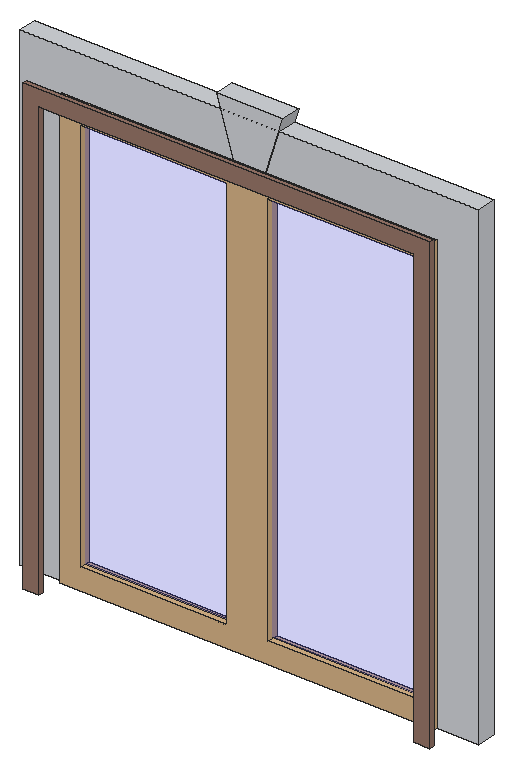
Revit family
Parameters (values of type "72" x 84"")
  Thickness = 0' - 2"
  Assembly Code = "C1020"
  Door Material = Door - Panel
  Frame Material = Door - Frame
  Height = 7' - 0"
  Rail Width - Base = 0' - 4"
  Rail Width - Top = 0' - 4"
  Stile Width - Hinge = 0' - 4"
  Stile Width - Latch = 0' - 4"
  Trim Projection = 0' - 1"
  Trim Width = 0' - 3"
  Wall Closure = (empty or 0)
  Width = 6' - 0"
Types (5): name | Height | Trim Width | Width
  72" x 84" | 7' - 0" | 0' - 3" | 6' - 0"
  68" x 80" | 6' - 8" | 0' - 3" | 5' - 8"
  68" x 84" | 7' - 0" | 0' - 3" | 5' - 8"
  72" x 78" | 6' - 6" | 0' - 2" | 6' - 0"
  72" x 82" | 6' - 10" | 0' - 2" | 6' - 0"
Reference planes (in)
  plane 1: y = 0
  plane 2: z = 0
  plane 3: x = 0
  plane 4: x = -36
  plane 5: x = 36
  plane 6: z = 84
  plane 7: z = 4
  plane 8: z = 80
Forms (in)
  Extrusion 1, solid, material "Door - Panel" <- "Door Material"
    sketch origin (0, 0, 0) x (1, 0, 0) y (0, 0, 1)
      loop
        line (-36, 84) -> (-36, 0) -> (36, 0) -> (36, 84) -> (-36, 84)
      loop
        line (-32, 80) -> (-32, 4) -> (-4, 4) -> (-4, 80) -> (-32, 80)
      loop
        line (4, 80) -> (4, 4) -> (32, 4) -> (32, 80) -> (4, 80)
    from -3.09375 to -1.09375
  Extrusion 2, solid, material "Glass"
    sketch origin (0, 0, 0) x (1, 0, 0) y (0, 0, 1)
      loop
        line (-4, 80) -> (-32, 80) -> (-32, 4) -> (-4, 4) -> (-4, 80)
    from -2.375 to -2.09375
  Extrusion 3, solid, material "Glass"
    sketch origin (0, 0, 0) x (1, 0, 0) y (0, 0, 1)
      loop
        line (4, 80) -> (4, 4) -> (32, 4) -> (32, 80) -> (4, 80)
    from -2.375 to -2.09375
  Extrusion 4, solid, material "Door - Frame" <- "Frame Material"
    sketch origin (-93.06215, -2.90625, 0) x (1, 0, 0) y (0, 0, 1)
      loop
        line (129.06215, 0) -> (132.06215, 0) -> (132.06215, 87) -> (54.06215, 87) -> (54.06215, 0) -> (57.06215, 0) -> (57.06215, 84) -> (129.06215, 84) -> (129.06215, 0)
    from 0 to 1
  Sweep 5, solid
    path in 3D
      loop
        line (36, 1.09375, 0) -> (36, 1.09375, 84) -> (-36, 1.09375, 84) -> (-36, 1.09375, 0)
    profile "Wall Sweep-Brick Soldier Course : 1 Brick" origin (-36, 1.09375, 42) x (0, -1, 0) y (-1, 0, 0)
      loop
        line (-0.5, 8) -> (-4.125, 8) -> (-4.125, 0) -> (-0.5, 0) -> (-0.5, 8)
  Extrusion 6, solid
    sketch origin (-60, 4.59375, 0) x (-1, 0, 0) y (0, 0, 1)
      loop
        line (-63.08843, 83.98782) -> (-57.08843, 83.98782) -> (-53.71343, 94.375) -> (-66.46343, 94.375) -> (-63.08843, 83.98782)
    from 0.75 to -3
Lines and regions (in)
  Opening 1
    outline origin (-60, -2.90625, 144) x (0, 0, -1) y (1, 0, 0)
      loop
        line (60, 24) -> (144, 24) -> (144, 96) -> (60, 96) -> (60, 24)
  symbolic lines, style "DoorsPanelProjection"
    curve 1: line (35.9952, 3.09375, 0) -> (34, 3.09375, 0)
    curve 2: line (35.9952, 3.09375, 0) -> (35.9952, 7.09375, 0)
    curve 3: line (35.9952, 39.09135, 0) -> (34, 39.09135, 0)
    curve 4: line (34, 3.09375, 0) -> (34, 7.09375, 0)
    curve 5: line (-36.02099, 3.09375, 0) -> (-33.99712, 3.09375, 0)
    curve 6: line (-36.02099, 3.09375, 0) -> (-36.02099, 7.09375, 0)
    curve 7: line (-36.02099, 39.09137, 0) -> (-33.99712, 39.09137, 0)
    curve 8: line (-33.99712, 3.09375, 0) -> (-33.99712, 7.09375, 0)
    curve 11: line (-36.02099, 35.09137, 0) -> (-33.99712, 35.09137, 0)
    curve 12: line (-36.02099, 7.09375, 0) -> (-33.99712, 7.09375, 0)
    curve 14: line (34, 35.09135, 0) -> (35.9952, 35.09135, 0)
    curve 15: line (35.9952, 7.09375, 0) -> (34, 7.09375, 0)
    curve 17: line (-36.02099, 35.09137, 0) -> (-36.02099, 39.09137, 0)
    curve 18: line (-33.99712, 35.09137, 0) -> (-33.99712, 39.09137, 0)
    curve 19: line (-33.99712, 7.09375, 0) -> (-33.99712, 35.09137, 0)
    curve 20: line (-36.02099, 7.09375, 0) -> (-36.02099, 35.09137, 0)
    curve 21: line (34, 35.09135, 0) -> (34, 39.09135, 0)
    curve 22: line (35.9952, 35.09135, 0) -> (35.9952, 39.09135, 0)
    curve 23: line (35.9952, 7.09375, 0) -> (35.9952, 35.09135, 0)
    curve 24: line (34, 7.09375, 0) -> (34, 35.09135, 0)
  symbolic lines, style "Plan Swing"
    curve 9: arc (-0.00254, 2.16269, 0) -> (-10.21878, 28.23054, 0) -> (-36.02099, 39.10021, 0) r 36.00942
    curve 10: arc (-0.00254, 2.16269, 0) -> (10.20557, 28.22387, 0) -> (35.9952, 39.0998, 0) r 36.00605
  symbolic lines, style "DoorsGlassProjection"
    curve 13: line (-34.99856, 35.09137, 0) -> (-34.99856, 7.09375, 0)
    curve 16: line (35, 7.09375, 0) -> (35, 35.09135, 0)
  model lines, style "Plan Swing"
    curve 25: line (0, 3.09375, 84) -> (0, 3.09375, 0)
  model lines
    curve 26: line (0, 1.09375, 84) -> (0, 1.09375, 0)
    curve 34: line (36, 5.21875, 1.625) -> (44, 5.21875, 1.625)
    curve 35: line (44, 5.21875, 2) -> (36, 5.21875, 2)
    curve 36: line (36, 5.21875, 3.625) -> (44, 5.21875, 3.625)
    curve 37: line (44, 5.21875, 4) -> (36, 5.21875, 4)
    curve 38: line (36, 5.21875, 5.625) -> (44, 5.21875, 5.625)
    curve 39: line (44, 5.21875, 6) -> (36, 5.21875, 6)
    curve 40: line (36, 5.21875, 7.625) -> (44, 5.21875, 7.625)
    curve 41: line (44, 5.21875, 8) -> (36, 5.21875, 8)
    curve 42: line (36, 5.21875, 9.625) -> (44, 5.21875, 9.625)
    curve 43: line (44, 5.21875, 10) -> (36, 5.21875, 10)
    curve 44: line (36, 5.21875, 11.625) -> (44, 5.21875, 11.625)
    curve 45: line (44, 5.21875, 12) -> (36, 5.21875, 12)
    curve 46: line (36, 5.21875, 13.625) -> (44, 5.21875, 13.625)
    curve 47: line (44, 5.21875, 14) -> (36, 5.21875, 14)
    curve 48: line (36, 5.21875, 15.625) -> (44, 5.21875, 15.625)
    curve 49: line (44, 5.21875, 16) -> (36, 5.21875, 16)
    curve 50: line (36, 5.21875, 17.625) -> (44, 5.21875, 17.625)
    curve 51: line (44, 5.21875, 18) -> (36, 5.21875, 18)
    curve 52: line (36, 5.21875, 19.625) -> (44, 5.21875, 19.625)
    curve 53: line (44, 5.21875, 20) -> (36, 5.21875, 20)
    curve 54: line (36, 5.21875, 21.625) -> (44, 5.21875, 21.625)
    curve 55: line (44, 5.21875, 22) -> (36, 5.21875, 22)
    curve 56: line (36, 5.21875, 23.625) -> (44, 5.21875, 23.625)
    curve 57: line (44, 5.21875, 24) -> (36, 5.21875, 24)
    curve 58: line (36, 5.21875, 25.625) -> (44, 5.21875, 25.625)
    curve 59: line (44, 5.21875, 26) -> (36, 5.21875, 26)
    curve 60: line (36, 5.21875, 27.625) -> (44, 5.21875, 27.625)
    curve 61: line (44, 5.21875, 28) -> (36, 5.21875, 28)
    curve 62: line (36, 5.21875, 29.625) -> (44, 5.21875, 29.625)
    curve 63: line (44, 5.21875, 30) -> (36, 5.21875, 30)
    curve 64: line (36, 5.21875, 31.625) -> (44, 5.21875, 31.625)
    curve 65: line (44, 5.21875, 32) -> (36, 5.21875, 32)
    curve 66: line (36, 5.21875, 33.625) -> (44, 5.21875, 33.625)
    curve 67: line (44, 5.21875, 34) -> (36, 5.21875, 34)
    curve 68: line (36, 5.21875, 35.625) -> (44, 5.21875, 35.625)
    curve 69: line (44, 5.21875, 36) -> (36, 5.21875, 36)
    curve 70: line (36, 5.21875, 37.625) -> (44, 5.21875, 37.625)
    curve 71: line (44, 5.21875, 38) -> (36, 5.21875, 38)
    curve 72: line (36, 5.21875, 39.625) -> (44, 5.21875, 39.625)
    curve 73: line (44, 5.21875, 40) -> (36, 5.21875, 40)
    curve 74: line (36, 5.21875, 41.625) -> (44, 5.21875, 41.625)
    curve 75: line (44, 5.21875, 42) -> (36, 5.21875, 42)
    curve 76: line (36, 5.21875, 43.625) -> (44, 5.21875, 43.625)
    curve 77: line (44, 5.21875, 44) -> (36, 5.21875, 44)
    curve 78: line (36, 5.21875, 45.625) -> (44, 5.21875, 45.625)
    curve 79: line (44, 5.21875, 46) -> (36, 5.21875, 46)
    curve 80: line (36, 5.21875, 47.625) -> (44, 5.21875, 47.625)
    curve 81: line (44, 5.21875, 48) -> (36, 5.21875, 48)
    curve 82: line (36, 5.21875, 49.625) -> (44, 5.21875, 49.625)
    curve 83: line (44, 5.21875, 50) -> (36, 5.21875, 50)
    curve 84: line (36, 5.21875, 51.625) -> (44, 5.21875, 51.625)
    curve 85: line (44, 5.21875, 52) -> (36, 5.21875, 52)
    curve 86: line (36, 5.21875, 53.625) -> (44, 5.21875, 53.625)
    curve 87: line (44, 5.21875, 54) -> (36, 5.21875, 54)
    curve 88: line (36, 5.21875, 55.625) -> (44, 5.21875, 55.625)
    curve 89: line (44, 5.21875, 56) -> (36, 5.21875, 56)
    curve 90: line (36, 5.21875, 57.625) -> (44, 5.21875, 57.625)
    curve 91: line (44, 5.21875, 58) -> (36, 5.21875, 58)
    curve 92: line (36, 5.21875, 59.625) -> (44, 5.21875, 59.625)
    curve 93: line (44, 5.21875, 60) -> (36, 5.21875, 60)
    curve 94: line (36, 5.21875, 61.625) -> (44, 5.21875, 61.625)
    curve 95: line (44, 5.21875, 62) -> (36, 5.21875, 62)
    curve 96: line (36, 5.21875, 63.625) -> (44, 5.21875, 63.625)
    curve 97: line (44, 5.21875, 64) -> (36, 5.21875, 64)
    curve 98: line (36, 5.21875, 65.625) -> (44, 5.21875, 65.625)
    curve 99: line (44, 5.21875, 66) -> (36, 5.21875, 66)
    curve 100: line (36, 5.21875, 67.625) -> (44, 5.21875, 67.625)
    curve 101: line (44, 5.21875, 68) -> (36, 5.21875, 68)
    curve 102: line (36, 5.21875, 69.625) -> (44, 5.21875, 69.625)
    curve 103: line (44, 5.21875, 70) -> (36, 5.21875, 70)
    curve 104: line (36, 5.21875, 71.625) -> (44, 5.21875, 71.625)
    curve 105: line (44, 5.21875, 72) -> (36, 5.21875, 72)
    curve 106: line (36, 5.21875, 73.625) -> (44, 5.21875, 73.625)
    curve 107: line (44, 5.21875, 74) -> (36, 5.21875, 74)
    curve 108: line (36, 5.21875, 75.625) -> (44, 5.21875, 75.625)
    curve 109: line (44, 5.21875, 76) -> (36, 5.21875, 76)
    curve 110: line (36, 5.21875, 77.625) -> (44, 5.21875, 77.625)
    curve 111: line (44, 5.21875, 78) -> (36, 5.21875, 78)
    curve 112: line (36, 5.21875, 79.625) -> (44, 5.21875, 79.625)
    curve 113: line (44, 5.21875, 80) -> (36, 5.21875, 80)
    curve 114: line (36, 5.21875, 81.625) -> (44, 5.21875, 81.625)
    curve 115: line (44, 5.21875, 82) -> (36, 5.21875, 82)
    curve 116: line (36, 5.21875, 83.625) -> (44, 5.21875, 83.625)
    curve 117: line (44, 5.21875, 84) -> (36, 5.21875, 84)
    curve 118: line (-36, 5.21875, 1.625) -> (-44, 5.21875, 1.625)
    curve 119: line (-44, 5.21875, 2) -> (-36, 5.21875, 2)
    curve 120: line (-36, 5.21875, 3.625) -> (-44, 5.21875, 3.625)
    curve 121: line (-44, 5.21875, 4) -> (-36, 5.21875, 4)
    curve 122: line (-36, 5.21875, 5.625) -> (-44, 5.21875, 5.625)
    curve 123: line (-44, 5.21875, 6) -> (-36, 5.21875, 6)
    curve 124: line (-36, 5.21875, 7.625) -> (-44, 5.21875, 7.625)
    curve 125: line (-44, 5.21875, 8) -> (-36, 5.21875, 8)
    curve 126: line (-36, 5.21875, 9.625) -> (-44, 5.21875, 9.625)
    curve 127: line (-44, 5.21875, 10) -> (-36, 5.21875, 10)
    curve 128: line (-36, 5.21875, 11.625) -> (-44, 5.21875, 11.625)
    curve 129: line (-44, 5.21875, 12) -> (-36, 5.21875, 12)
    curve 130: line (-36, 5.21875, 13.625) -> (-44, 5.21875, 13.625)
    curve 131: line (-44, 5.21875, 14) -> (-36, 5.21875, 14)
    curve 132: line (-36, 5.21875, 15.625) -> (-44, 5.21875, 15.625)
    curve 133: line (-44, 5.21875, 16) -> (-36, 5.21875, 16)
    curve 134: line (-36, 5.21875, 17.625) -> (-44, 5.21875, 17.625)
    curve 135: line (-44, 5.21875, 18) -> (-36, 5.21875, 18)
    curve 136: line (-36, 5.21875, 19.625) -> (-44, 5.21875, 19.625)
    curve 137: line (-44, 5.21875, 20) -> (-36, 5.21875, 20)
    curve 138: line (-36, 5.21875, 21.625) -> (-44, 5.21875, 21.625)
    curve 139: line (-44, 5.21875, 22) -> (-36, 5.21875, 22)
    curve 140: line (-36, 5.21875, 23.625) -> (-44, 5.21875, 23.625)
    curve 141: line (-44, 5.21875, 24) -> (-36, 5.21875, 24)
    curve 142: line (-36, 5.21875, 25.625) -> (-44, 5.21875, 25.625)
    curve 143: line (-44, 5.21875, 26) -> (-36, 5.21875, 26)
    curve 144: line (-36, 5.21875, 27.625) -> (-44, 5.21875, 27.625)
    curve 145: line (-44, 5.21875, 28) -> (-36, 5.21875, 28)
    curve 146: line (-36, 5.21875, 29.625) -> (-44, 5.21875, 29.625)
    curve 147: line (-44, 5.21875, 30) -> (-36, 5.21875, 30)
    curve 148: line (-36, 5.21875, 31.625) -> (-44, 5.21875, 31.625)
    curve 149: line (-44, 5.21875, 32) -> (-36, 5.21875, 32)
    curve 150: line (-36, 5.21875, 33.625) -> (-44, 5.21875, 33.625)
    curve 151: line (-44, 5.21875, 34) -> (-36, 5.21875, 34)
    curve 152: line (-36, 5.21875, 35.625) -> (-44, 5.21875, 35.625)
    curve 153: line (-44, 5.21875, 36) -> (-36, 5.21875, 36)
    curve 154: line (-36, 5.21875, 37.625) -> (-44, 5.21875, 37.625)
    curve 155: line (-44, 5.21875, 38) -> (-36, 5.21875, 38)
    curve 156: line (-36, 5.21875, 39.625) -> (-44, 5.21875, 39.625)
    curve 157: line (-44, 5.21875, 40) -> (-36, 5.21875, 40)
    curve 158: line (-36, 5.21875, 41.625) -> (-44, 5.21875, 41.625)
    curve 159: line (-44, 5.21875, 42) -> (-36, 5.21875, 42)
    curve 160: line (-36, 5.21875, 43.625) -> (-44, 5.21875, 43.625)
    curve 161: line (-44, 5.21875, 44) -> (-36, 5.21875, 44)
    curve 162: line (-36, 5.21875, 45.625) -> (-44, 5.21875, 45.625)
    curve 163: line (-44, 5.21875, 46) -> (-36, 5.21875, 46)
    curve 164: line (-36, 5.21875, 47.625) -> (-44, 5.21875, 47.625)
    curve 165: line (-44, 5.21875, 48) -> (-36, 5.21875, 48)
    curve 166: line (-36, 5.21875, 49.625) -> (-44, 5.21875, 49.625)
    curve 167: line (-44, 5.21875, 50) -> (-36, 5.21875, 50)
    curve 168: line (-36, 5.21875, 51.625) -> (-44, 5.21875, 51.625)
    curve 169: line (-44, 5.21875, 52) -> (-36, 5.21875, 52)
    curve 170: line (-36, 5.21875, 53.625) -> (-44, 5.21875, 53.625)
    curve 171: line (-44, 5.21875, 54) -> (-36, 5.21875, 54)
    curve 172: line (-36, 5.21875, 55.625) -> (-44, 5.21875, 55.625)
    curve 173: line (-44, 5.21875, 56) -> (-36, 5.21875, 56)
    curve 174: line (-36, 5.21875, 57.625) -> (-44, 5.21875, 57.625)
    curve 175: line (-44, 5.21875, 58) -> (-36, 5.21875, 58)
    curve 176: line (-36, 5.21875, 59.625) -> (-44, 5.21875, 59.625)
    curve 177: line (-44, 5.21875, 60) -> (-36, 5.21875, 60)
    curve 178: line (-36, 5.21875, 61.625) -> (-44, 5.21875, 61.625)
    curve 179: line (-44, 5.21875, 62) -> (-36, 5.21875, 62)
    curve 180: line (-36, 5.21875, 63.625) -> (-44, 5.21875, 63.625)
    curve 181: line (-44, 5.21875, 64) -> (-36, 5.21875, 64)
    curve 182: line (-36, 5.21875, 65.625) -> (-44, 5.21875, 65.625)
    curve 183: line (-44, 5.21875, 66) -> (-36, 5.21875, 66)
    curve 184: line (-36, 5.21875, 67.625) -> (-44, 5.21875, 67.625)
    curve 185: line (-44, 5.21875, 68) -> (-36, 5.21875, 68)
    curve 186: line (-36, 5.21875, 69.625) -> (-44, 5.21875, 69.625)
    curve 187: line (-44, 5.21875, 70) -> (-36, 5.21875, 70)
    curve 188: line (-36, 5.21875, 71.625) -> (-44, 5.21875, 71.625)
    curve 189: line (-44, 5.21875, 72) -> (-36, 5.21875, 72)
    curve 190: line (-36, 5.21875, 73.625) -> (-44, 5.21875, 73.625)
    curve 191: line (-44, 5.21875, 74) -> (-36, 5.21875, 74)
    curve 192: line (-36, 5.21875, 75.625) -> (-44, 5.21875, 75.625)
    curve 193: line (-44, 5.21875, 76) -> (-36, 5.21875, 76)
    curve 194: line (-36, 5.21875, 77.625) -> (-44, 5.21875, 77.625)
    curve 195: line (-44, 5.21875, 78) -> (-36, 5.21875, 78)
    curve 196: line (-36, 5.21875, 79.625) -> (-44, 5.21875, 79.625)
    curve 197: line (-44, 5.21875, 80) -> (-36, 5.21875, 80)
    curve 198: line (-36, 5.21875, 81.625) -> (-44, 5.21875, 81.625)
    curve 199: line (-44, 5.21875, 82) -> (-36, 5.21875, 82)
    curve 200: line (-36, 5.21875, 83.625) -> (-44, 5.21875, 83.625)
    curve 201: line (-44, 5.21875, 84) -> (-36, 5.21875, 84)
    curve 202: line (42.375, 5.21875, 84) -> (42.375, 5.21875, 92)
    curve 203: line (42, 5.21875, 92) -> (42, 5.21875, 84)
    curve 204: line (40.375, 5.21875, 84) -> (40.375, 5.21875, 92)
    curve 205: line (40, 5.21875, 92) -> (40, 5.21875, 84)
    curve 206: line (38.375, 5.21875, 84) -> (38.375, 5.21875, 92)
    curve 207: line (38, 5.21875, 92) -> (38, 5.21875, 84)
    curve 208: line (36.375, 5.21875, 84) -> (36.375, 5.21875, 92)
    curve 209: line (36, 5.21875, 92) -> (36, 5.21875, 84)
    curve 210: line (34.375, 5.21875, 84) -> (34.375, 5.21875, 92)
    curve 211: line (34, 5.21875, 92) -> (34, 5.21875, 84)
    curve 212: line (32.375, 5.21875, 84) -> (32.375, 5.21875, 92)
    curve 213: line (32, 5.21875, 92) -> (32, 5.21875, 84)
    curve 214: line (30.375, 5.21875, 84) -> (30.375, 5.21875, 92)
    curve 215: line (30, 5.21875, 92) -> (30, 5.21875, 84)
    curve 216: line (28.375, 5.21875, 84) -> (28.375, 5.21875, 92)
    curve 217: line (28, 5.21875, 92) -> (28, 5.21875, 84)
    curve 218: line (26.375, 5.21875, 84) -> (26.375, 5.21875, 92)
    curve 219: line (26, 5.21875, 92) -> (26, 5.21875, 84)
    curve 220: line (24.375, 5.21875, 84) -> (24.375, 5.21875, 92)
    curve 221: line (24, 5.21875, 92) -> (24, 5.21875, 84)
    curve 222: line (22.375, 5.21875, 84) -> (22.375, 5.21875, 92)
    curve 223: line (22, 5.21875, 92) -> (22, 5.21875, 84)
    curve 224: line (20.375, 5.21875, 84) -> (20.375, 5.21875, 92)
    curve 225: line (20, 5.21875, 92) -> (20, 5.21875, 84)
    curve 226: line (18.375, 5.21875, 84) -> (18.375, 5.21875, 92)
    curve 227: line (18, 5.21875, 92) -> (18, 5.21875, 84)
    curve 228: line (16.375, 5.21875, 84) -> (16.375, 5.21875, 92)
    curve 229: line (16, 5.21875, 92) -> (16, 5.21875, 84)
    curve 230: line (14.375, 5.21875, 84) -> (14.375, 5.21875, 92)
    curve 231: line (14, 5.21875, 92) -> (14, 5.21875, 84)
    curve 232: line (12.375, 5.21875, 84) -> (12.375, 5.21875, 92)
    curve 233: line (12, 5.21875, 92) -> (12, 5.21875, 84)
    curve 234: line (10.375, 5.21875, 84) -> (10.375, 5.21875, 92)
    curve 235: line (10, 5.21875, 92) -> (10, 5.21875, 84)
    curve 236: line (8.375, 5.21875, 84) -> (8.375, 5.21875, 92)
    curve 237: line (8, 5.21875, 92) -> (8, 5.21875, 84)
    curve 238: line (6.375, 5.21875, 84) -> (6.375, 5.21875, 92)
    curve 239: line (6, 5.21875, 92) -> (6, 5.21875, 84)
    curve 240: line (4.375, 5.21875, 84) -> (4.375, 5.21875, 92)
    curve 241: line (4, 5.21875, 92) -> (4, 5.21875, 84)
    curve 242: line (2.375, 5.21875, 84) -> (2.375, 5.21875, 92)
    curve 243: line (2, 5.21875, 92) -> (2, 5.21875, 84)
    curve 244: line (-42.375, 5.21875, 84) -> (-42.375, 5.21875, 92)
    curve 245: line (-42, 5.21875, 92) -> (-42, 5.21875, 84)
    curve 246: line (-40.375, 5.21875, 84) -> (-40.375, 5.21875, 92)
    curve 247: line (-40, 5.21875, 92) -> (-40, 5.21875, 84)
    curve 248: line (-38.375, 5.21875, 84) -> (-38.375, 5.21875, 92)
    curve 249: line (-38, 5.21875, 92) -> (-38, 5.21875, 84)
    curve 250: line (-36.375, 5.21875, 84) -> (-36.375, 5.21875, 92)
    curve 251: line (-36, 5.21875, 92) -> (-36, 5.21875, 84)
    curve 252: line (-34.375, 5.21875, 84) -> (-34.375, 5.21875, 92)
    curve 253: line (-34, 5.21875, 92) -> (-34, 5.21875, 84)
    curve 254: line (-32.375, 5.21875, 84) -> (-32.375, 5.21875, 92)
    curve 255: line (-32, 5.21875, 92) -> (-32, 5.21875, 84)
    curve 256: line (-30.375, 5.21875, 84) -> (-30.375, 5.21875, 92)
    curve 257: line (-30, 5.21875, 92) -> (-30, 5.21875, 84)
    curve 258: line (-28.375, 5.21875, 84) -> (-28.375, 5.21875, 92)
    curve 259: line (-28, 5.21875, 92) -> (-28, 5.21875, 84)
    curve 260: line (-26.375, 5.21875, 84) -> (-26.375, 5.21875, 92)
    curve 261: line (-26, 5.21875, 92) -> (-26, 5.21875, 84)
    curve 262: line (-24.375, 5.21875, 84) -> (-24.375, 5.21875, 92)
    curve 263: line (-24, 5.21875, 92) -> (-24, 5.21875, 84)
    curve 264: line (-22.375, 5.21875, 84) -> (-22.375, 5.21875, 92)
    curve 265: line (-22, 5.21875, 92) -> (-22, 5.21875, 84)
    curve 266: line (-20.375, 5.21875, 84) -> (-20.375, 5.21875, 92)
    curve 267: line (-20, 5.21875, 92) -> (-20, 5.21875, 84)
    curve 268: line (-18.375, 5.21875, 84) -> (-18.375, 5.21875, 92)
    curve 269: line (-18, 5.21875, 92) -> (-18, 5.21875, 84)
    curve 270: line (-16.375, 5.21875, 84) -> (-16.375, 5.21875, 92)
    curve 271: line (-16, 5.21875, 92) -> (-16, 5.21875, 84)
    curve 272: line (-14.375, 5.21875, 84) -> (-14.375, 5.21875, 92)
    curve 273: line (-14, 5.21875, 92) -> (-14, 5.21875, 84)
    curve 274: line (-12.375, 5.21875, 84) -> (-12.375, 5.21875, 92)
    curve 275: line (-12, 5.21875, 92) -> (-12, 5.21875, 84)
    curve 276: line (-10.375, 5.21875, 84) -> (-10.375, 5.21875, 92)
    curve 277: line (-10, 5.21875, 92) -> (-10, 5.21875, 84)
    curve 278: line (-8.375, 5.21875, 84) -> (-8.375, 5.21875, 92)
    curve 279: line (-8, 5.21875, 92) -> (-8, 5.21875, 84)
    curve 280: line (-6.375, 5.21875, 84) -> (-6.375, 5.21875, 92)
    curve 281: line (-6, 5.21875, 92) -> (-6, 5.21875, 84)
    curve 282: line (-4.375, 5.21875, 84) -> (-4.375, 5.21875, 92)
    curve 283: line (-4, 5.21875, 92) -> (-4, 5.21875, 84)
    curve 284: line (-2.375, 5.21875, 84) -> (-2.375, 5.21875, 92)
    curve 285: line (-2, 5.21875, 92) -> (-2, 5.21875, 84)
  symbolic lines, style "Elevation Swing"
    curve 27: line (0, 0, 84) -> (-36, 0, 42)
    curve 28: line (0, 0, 0) -> (-36, 0, 42)
    curve 29: line (0, 0, 84) -> (36, 0, 42)
    curve 30: line (36, 0, 42) -> (0, 0, 0)
  sketch lines
    curve 31: line (-36, 1.09375, 84) -> (-36, 1.09375, 0)
    curve 32: line (36, 1.09375, 0) -> (36, 1.09375, 84)
    curve 33: line (36, 1.09375, 84) -> (-36, 1.09375, 84)
Text (in)
  text "Exterior" at (-78.76614, 13.86463, 0), in view "Ground floor"
Dimensions and locks (in)
  equal spacing: plane 4, plane 3, plane 5
  "Width": plane 4 to plane 5
  host wall to curve 1 = 0' - 0"
  "Height": plane 6 to plane 2
  "Stile Width - Latch": curve 11 to curve 7
  "Stile Width - Hinge": host wall to curve 12
  "Stile Width - Latch": curve 3 to curve 14
  "Stile Width - Hinge": curve 15 to host wall
  plane 2 to plane 6 = 7' - 0"
  "Trim Width": Extrusion 4 sketch curve to plane 5
  "Trim Width": Extrusion 4 sketch curve to plane 4
  "Trim Width": Extrusion 4 sketch curve to plane 6
  "Trim Projection": Extrusion 4 to Extrusion 4
  "Thickness": Extrusion 1 to host wall
  "Rail Width - Base": plane 2 to plane 7
  "Rail Width - Top": plane 8 to plane 6
  locked: host wall to Extrusion 2 at 0.71875
  host wall to Extrusion 3 = 0' - 0 23/32"
  locked: Extrusion 3 to Extrusion 3 at 0.28125
  equal spacing: level, curve 30, plane 6
  equal spacing: level, curve 28, plane 6
  aligned and locked: Extrusion 2 to Extrusion 3  (x2)
  aligned and locked: Extrusion 4 sketch curve to curve 1
  aligned and locked: level to Extrusion 4 sketch curve
  aligned and locked: plane 2 to Extrusion 4 sketch curve
  aligned and locked: curve 5 to Extrusion 4 sketch curve
  aligned and locked: plane 6 to Extrusion 4 sketch curve  (x2)
  aligned and locked: plane 5 to Extrusion 4 sketch curve
Automatic sketch dimensions
  Opening 1 sketch curve to plane 6 = 0' - 0"
  Opening 1 sketch curve to level = 0' - 0"
  Opening 1 sketch curve to plane 4 = 0' - 0"
  Opening 1 sketch curve to plane 5 = 0' - 0"
  Extrusion 1 sketch curve to plane 4 = 0' - 0"
  Extrusion 1 sketch curve to plane 5 = 0' - 0"
  Extrusion 1 sketch curve to level = 0' - 0"
  Extrusion 1 sketch curve to plane 6 = 0' - 0"
  Extrusion 2 sketch curve to plane 7 = 0' - 0"
  Extrusion 2 sketch curve to plane 8 = 0' - 0"
  Extrusion 3 sketch curve to plane 7 = 0' - 0"
  Extrusion 3 sketch curve to plane 8 = 0' - 0"
  plane 5 to Extrusion 1 sketch curve = 0' - 4"
  plane 5 to Extrusion 3 sketch curve = 0' - 4"
  Extrusion 1 sketch curve to plane 7 = 0' - 0"  (x2)
  Extrusion 1 sketch curve to plane 8 = 0' - 0"  (x2)
  Extrusion 1 sketch curve to plane 4 = 0' - 4"
  Extrusion 2 sketch curve to plane 4 = 0' - 4"
  plane 3 to Extrusion 1 sketch curve = 0' - 4"
  plane 3 to Extrusion 3 sketch curve = 0' - 4"
  Extrusion 1 sketch curve to plane 3 = 0' - 4"
  Extrusion 2 sketch curve to plane 3 = 0' - 4"
  curve 5 to host wall = 0' - 0"
  curve 9 to plane 4 = 0' - 0"
  curve 10 to host wall = 0' - 0"
  plane 4 to curve 6 = 0' - 0.02099"
  curve 9 to curve 7 = 0' - 0"
  curve 13 to plane 4 = 0' - 1.00144"
  curve 13 to curve 8 = 0' - 1.00144"
  curve 9 to plane 3 = 0' - 0.00254"
  plane 5 to curve 24 = 0' - 2"
  plane 5 to curve 16 = 0' - 1"
  plane 5 to curve 10 = 0' - 0.00853"
  plane 5 to curve 10 = 0' - 0.0048"
  plane 5 to curve 14 = 0' - 0.0048"
  curve 9 to host wall = 0' - 0.00296"
  curve 10 to host wall = 0' - 0.93106"
  curve 24 to curve 10 = 0' - 4.00845"
  curve 17 to curve 9 = 0' - 4.00884"
  curve 27 to plane 3 = 0' - 0"
  curve 27 to plane 6 = 0' - 0"
  curve 26 to plane 3 = 0' - 0"
  curve 26 to plane 6 = 0' - 0"
  curve 25 to plane 3 = 0' - 0"
  curve 25 to plane 6 = 0' - 0"
  curve 25 to level = 0' - 0"
  curve 26 to level = 0' - 0"
  curve 28 to level = 0' - 0"
  curve 27 to plane 4 = 0' - 0"
  curve 28 to plane 3 = 0' - 0"
  curve 30 to plane 5 = 0' - 0"
  Extrusion 4 sketch curve to plane 4 = 0' - 0"
  curve 34 to Sweep 5 = 0' - 0"  (x2)
  curve 118 to Sweep 5 = 0' - 0"  (x2)
  curve 119 to Sweep 5 = 0' - 0"  (x2)
  curve 35 to Sweep 5 = 0' - 0"  (x2)
  curve 120 to Sweep 5 = 0' - 0"  (x2)
  curve 36 to Sweep 5 = 0' - 0"  (x2)
  curve 121 to Sweep 5 = 0' - 0"  (x2)
  curve 37 to Sweep 5 = 0' - 0"  (x2)
  curve 38 to Sweep 5 = 0' - 0"  (x2)
  curve 122 to Sweep 5 = 0' - 0"  (x2)
  curve 39 to Sweep 5 = 0' - 0"  (x2)
  curve 123 to Sweep 5 = 0' - 0"  (x2)
  curve 124 to Sweep 5 = 0' - 0"  (x2)
  curve 40 to Sweep 5 = 0' - 0"  (x2)
  curve 41 to Sweep 5 = 0' - 0"  (x2)
  curve 125 to Sweep 5 = 0' - 0"  (x2)
  curve 42 to Sweep 5 = 0' - 0"  (x2)
  curve 126 to Sweep 5 = 0' - 0"  (x2)
  curve 127 to Sweep 5 = 0' - 0"  (x2)
  curve 43 to Sweep 5 = 0' - 0"  (x2)
  curve 128 to Sweep 5 = 0' - 0"  (x2)
  curve 44 to Sweep 5 = 0' - 0"  (x2)
  curve 45 to Sweep 5 = 0' - 0"  (x2)
  curve 129 to Sweep 5 = 0' - 0"  (x2)
  curve 130 to Sweep 5 = 0' - 0"  (x2)
  curve 46 to Sweep 5 = 0' - 0"  (x2)
  curve 131 to Sweep 5 = 0' - 0"  (x2)
  curve 47 to Sweep 5 = 0' - 0"  (x2)
  curve 132 to Sweep 5 = 0' - 0"  (x2)
  curve 48 to Sweep 5 = 0' - 0"  (x2)
  curve 133 to Sweep 5 = 0' - 0"  (x2)
  curve 49 to Sweep 5 = 0' - 0"  (x2)
  curve 134 to Sweep 5 = 0' - 0"  (x2)
  curve 50 to Sweep 5 = 0' - 0"  (x2)
  curve 51 to Sweep 5 = 0' - 0"  (x2)
  curve 135 to Sweep 5 = 0' - 0"  (x2)
  curve 136 to Sweep 5 = 0' - 0"  (x2)
  curve 52 to Sweep 5 = 0' - 0"  (x2)
  curve 137 to Sweep 5 = 0' - 0"  (x2)
  curve 53 to Sweep 5 = 0' - 0"  (x2)
  curve 54 to Sweep 5 = 0' - 0"  (x2)
  curve 138 to Sweep 5 = 0' - 0"  (x2)
  curve 139 to Sweep 5 = 0' - 0"  (x2)
  curve 55 to Sweep 5 = 0' - 0"  (x2)
  curve 56 to Sweep 5 = 0' - 0"  (x2)
  curve 140 to Sweep 5 = 0' - 0"  (x2)
  curve 141 to Sweep 5 = 0' - 0"  (x2)
  curve 57 to Sweep 5 = 0' - 0"  (x2)
  curve 58 to Sweep 5 = 0' - 0"  (x2)
  curve 142 to Sweep 5 = 0' - 0"  (x2)
  curve 143 to Sweep 5 = 0' - 0"  (x2)
  curve 59 to Sweep 5 = 0' - 0"  (x2)
  curve 144 to Sweep 5 = 0' - 0"  (x2)
  curve 60 to Sweep 5 = 0' - 0"  (x2)
  curve 61 to Sweep 5 = 0' - 0"  (x2)
  curve 145 to Sweep 5 = 0' - 0"  (x2)
  curve 62 to Sweep 5 = 0' - 0"  (x2)
  curve 146 to Sweep 5 = 0' - 0"  (x2)
  curve 147 to Sweep 5 = 0' - 0"  (x2)
  curve 63 to Sweep 5 = 0' - 0"  (x2)
  curve 148 to Sweep 5 = 0' - 0"  (x2)
  curve 64 to Sweep 5 = 0' - 0"  (x2)
  curve 149 to Sweep 5 = 0' - 0"  (x2)
  curve 65 to Sweep 5 = 0' - 0"  (x2)
  curve 150 to Sweep 5 = 0' - 0"  (x2)
  curve 66 to Sweep 5 = 0' - 0"  (x2)
  curve 151 to Sweep 5 = 0' - 0"  (x2)
  curve 67 to Sweep 5 = 0' - 0"  (x2)
  curve 152 to Sweep 5 = 0' - 0"  (x2)
  curve 68 to Sweep 5 = 0' - 0"  (x2)
  curve 153 to Sweep 5 = 0' - 0"  (x2)
  curve 69 to Sweep 5 = 0' - 0"  (x2)
  curve 70 to Sweep 5 = 0' - 0"  (x2)
  curve 154 to Sweep 5 = 0' - 0"  (x2)
  curve 155 to Sweep 5 = 0' - 0"  (x2)
  curve 71 to Sweep 5 = 0' - 0"  (x2)
  curve 156 to Sweep 5 = 0' - 0"  (x2)
  curve 72 to Sweep 5 = 0' - 0"  (x2)
  curve 157 to Sweep 5 = 0' - 0"  (x2)
  curve 73 to Sweep 5 = 0' - 0"  (x2)
  curve 158 to Sweep 5 = 0' - 0"  (x2)
  curve 74 to Sweep 5 = 0' - 0"  (x2)
  curve 159 to Sweep 5 = 0' - 0"  (x2)
  curve 75 to Sweep 5 = 0' - 0"  (x2)
  curve 76 to Sweep 5 = 0' - 0"  (x2)
  curve 160 to Sweep 5 = 0' - 0"  (x2)
  curve 77 to Sweep 5 = 0' - 0"  (x2)
  curve 161 to Sweep 5 = 0' - 0"  (x2)
  curve 78 to Sweep 5 = 0' - 0"  (x2)
  curve 162 to Sweep 5 = 0' - 0"  (x2)
  curve 163 to Sweep 5 = 0' - 0"  (x2)
  curve 79 to Sweep 5 = 0' - 0"  (x2)
  curve 164 to Sweep 5 = 0' - 0"  (x2)
  curve 80 to Sweep 5 = 0' - 0"  (x2)
  curve 81 to Sweep 5 = 0' - 0"  (x2)
  curve 165 to Sweep 5 = 0' - 0"  (x2)
  curve 166 to Sweep 5 = 0' - 0"  (x2)
  curve 82 to Sweep 5 = 0' - 0"  (x2)
  curve 83 to Sweep 5 = 0' - 0"  (x2)
  curve 167 to Sweep 5 = 0' - 0"  (x2)
  curve 168 to Sweep 5 = 0' - 0"  (x2)
  curve 84 to Sweep 5 = 0' - 0"  (x2)
  curve 85 to Sweep 5 = 0' - 0"  (x2)
  curve 169 to Sweep 5 = 0' - 0"  (x2)
  curve 170 to Sweep 5 = 0' - 0"  (x2)
  curve 86 to Sweep 5 = 0' - 0"  (x2)
  curve 87 to Sweep 5 = 0' - 0"  (x2)
  curve 171 to Sweep 5 = 0' - 0"  (x2)
  curve 88 to Sweep 5 = 0' - 0"  (x2)
  curve 172 to Sweep 5 = 0' - 0"  (x2)
  curve 173 to Sweep 5 = 0' - 0"  (x2)
  curve 89 to Sweep 5 = 0' - 0"  (x2)
  curve 174 to Sweep 5 = 0' - 0"  (x2)
  curve 90 to Sweep 5 = 0' - 0"  (x2)
  curve 91 to Sweep 5 = 0' - 0"  (x2)
  curve 175 to Sweep 5 = 0' - 0"  (x2)
  curve 92 to Sweep 5 = 0' - 0"  (x2)
  curve 176 to Sweep 5 = 0' - 0"  (x2)
  curve 93 to Sweep 5 = 0' - 0"  (x2)
  curve 177 to Sweep 5 = 0' - 0"  (x2)
  curve 178 to Sweep 5 = 0' - 0"  (x2)
  curve 94 to Sweep 5 = 0' - 0"  (x2)
  curve 179 to Sweep 5 = 0' - 0"  (x2)
  curve 95 to Sweep 5 = 0' - 0"  (x2)
  curve 180 to Sweep 5 = 0' - 0"  (x2)
  curve 96 to Sweep 5 = 0' - 0"  (x2)
  curve 97 to Sweep 5 = 0' - 0"  (x2)
  curve 181 to Sweep 5 = 0' - 0"  (x2)
  curve 182 to Sweep 5 = 0' - 0"  (x2)
  curve 98 to Sweep 5 = 0' - 0"  (x2)
  curve 183 to Sweep 5 = 0' - 0"  (x2)
  curve 99 to Sweep 5 = 0' - 0"  (x2)
  curve 184 to Sweep 5 = 0' - 0"  (x2)
  curve 100 to Sweep 5 = 0' - 0"  (x2)
  curve 185 to Sweep 5 = 0' - 0"  (x2)
  curve 101 to Sweep 5 = 0' - 0"  (x2)
  curve 186 to Sweep 5 = 0' - 0"  (x2)
  curve 102 to Sweep 5 = 0' - 0"  (x2)
  curve 103 to Sweep 5 = 0' - 0"  (x2)
  curve 187 to Sweep 5 = 0' - 0"  (x2)
  curve 188 to Sweep 5 = 0' - 0"  (x2)
  curve 104 to Sweep 5 = 0' - 0"  (x2)
  curve 105 to Sweep 5 = 0' - 0"  (x2)
  curve 189 to Sweep 5 = 0' - 0"  (x2)
  curve 190 to Sweep 5 = 0' - 0"  (x2)
  curve 106 to Sweep 5 = 0' - 0"  (x2)
  curve 191 to Sweep 5 = 0' - 0"  (x2)
  curve 107 to Sweep 5 = 0' - 0"  (x2)
  curve 108 to Sweep 5 = 0' - 0"  (x2)
  curve 192 to Sweep 5 = 0' - 0"  (x2)
  curve 193 to Sweep 5 = 0' - 0"  (x2)
  curve 109 to Sweep 5 = 0' - 0"  (x2)
  curve 110 to Sweep 5 = 0' - 0"  (x2)
  curve 194 to Sweep 5 = 0' - 0"  (x2)
  curve 111 to Sweep 5 = 0' - 0"  (x2)
  curve 195 to Sweep 5 = 0' - 0"  (x2)
  curve 112 to Sweep 5 = 0' - 0"  (x2)
  curve 196 to Sweep 5 = 0' - 0"  (x2)
  curve 113 to Sweep 5 = 0' - 0"  (x2)
  curve 197 to Sweep 5 = 0' - 0"  (x2)
  curve 198 to Sweep 5 = 0' - 0"  (x2)
  curve 114 to Sweep 5 = 0' - 0"  (x2)
  curve 115 to Sweep 5 = 0' - 0"  (x2)
  curve 199 to Sweep 5 = 0' - 0"  (x2)
  curve 200 to Sweep 5 = 0' - 0"  (x2)
  curve 116 to Sweep 5 = 0' - 0"  (x2)
  curve 117 to Sweep 5 = 0' - 0"  (x3)
  curve 201 to Sweep 5 = 0' - 0"  (x2)
  curve 284 to Sweep 5 = 0' - 0"  (x2)
  curve 285 to Sweep 5 = 0' - 0"  (x2)
  curve 283 to Sweep 5 = 0' - 0"  (x2)
  curve 282 to Sweep 5 = 0' - 0"  (x2)
  curve 281 to Sweep 5 = 0' - 0"  (x2)
  curve 280 to Sweep 5 = 0' - 0"  (x2)
  curve 279 to Sweep 5 = 0' - 0"  (x2)
  curve 278 to Sweep 5 = 0' - 0"  (x2)
  curve 210 to Sweep 5 = 0' - 0"  (x2)
  curve 277 to Sweep 5 = 0' - 0"  (x2)
  curve 276 to Sweep 5 = 0' - 0"  (x2)
  curve 211 to Sweep 5 = 0' - 0"  (x2)
  curve 212 to Sweep 5 = 0' - 0"  (x2)
  curve 275 to Sweep 5 = 0' - 0"  (x2)
  curve 274 to Sweep 5 = 0' - 0"  (x2)
  curve 213 to Sweep 5 = 0' - 0"  (x2)
  curve 214 to Sweep 5 = 0' - 0"  (x2)
  curve 273 to Sweep 5 = 0' - 0"  (x2)
  curve 272 to Sweep 5 = 0' - 0"  (x2)
  curve 215 to Sweep 5 = 0' - 0"  (x2)
  curve 216 to Sweep 5 = 0' - 0"  (x2)
  curve 271 to Sweep 5 = 0' - 0"  (x2)
  curve 270 to Sweep 5 = 0' - 0"  (x2)
  curve 217 to Sweep 5 = 0' - 0"  (x2)
  curve 218 to Sweep 5 = 0' - 0"  (x2)
  curve 269 to Sweep 5 = 0' - 0"  (x2)
  curve 268 to Sweep 5 = 0' - 0"  (x2)
  curve 219 to Sweep 5 = 0' - 0"  (x2)
  curve 220 to Sweep 5 = 0' - 0"  (x2)
  curve 267 to Sweep 5 = 0' - 0"  (x2)
  curve 266 to Sweep 5 = 0' - 0"  (x2)
  curve 221 to Sweep 5 = 0' - 0"  (x2)
  curve 222 to Sweep 5 = 0' - 0"  (x2)
  curve 265 to Sweep 5 = 0' - 0"  (x2)
  curve 264 to Sweep 5 = 0' - 0"  (x2)
  curve 223 to Sweep 5 = 0' - 0"  (x2)
  curve 224 to Sweep 5 = 0' - 0"  (x2)
  curve 263 to Sweep 5 = 0' - 0"  (x2)
  curve 262 to Sweep 5 = 0' - 0"  (x2)
  curve 225 to Sweep 5 = 0' - 0"  (x2)
  curve 226 to Sweep 5 = 0' - 0"  (x2)
  curve 261 to Sweep 5 = 0' - 0"  (x2)
  curve 260 to Sweep 5 = 0' - 0"  (x2)
  curve 227 to Sweep 5 = 0' - 0"  (x2)
  curve 228 to Sweep 5 = 0' - 0"  (x2)
  curve 259 to Sweep 5 = 0' - 0"  (x2)
  curve 258 to Sweep 5 = 0' - 0"  (x2)
  curve 229 to Sweep 5 = 0' - 0"  (x2)
  curve 230 to Sweep 5 = 0' - 0"  (x2)
  curve 257 to Sweep 5 = 0' - 0"  (x2)
  curve 256 to Sweep 5 = 0' - 0"  (x2)
  curve 231 to Sweep 5 = 0' - 0"  (x2)
  curve 232 to Sweep 5 = 0' - 0"  (x2)
  curve 255 to Sweep 5 = 0' - 0"  (x2)
  curve 254 to Sweep 5 = 0' - 0"  (x2)
  curve 233 to Sweep 5 = 0' - 0"  (x2)
  curve 234 to Sweep 5 = 0' - 0"  (x2)
  curve 253 to Sweep 5 = 0' - 0"  (x2)
  curve 252 to Sweep 5 = 0' - 0"  (x2)
  curve 235 to Sweep 5 = 0' - 0"  (x2)
  curve 236 to Sweep 5 = 0' - 0"  (x2)
  curve 237 to Sweep 5 = 0' - 0"  (x2)
  curve 238 to Sweep 5 = 0' - 0"  (x2)
  curve 239 to Sweep 5 = 0' - 0"  (x2)
  curve 240 to Sweep 5 = 0' - 0"  (x2)
  curve 241 to Sweep 5 = 0' - 0"  (x2)
  curve 242 to Sweep 5 = 0' - 0"  (x2)
  curve 243 to Sweep 5 = 0' - 0"  (x2)
  curve 244 to Sweep 5 = 0' - 0"
  curve 245 to Sweep 5 = 0' - 0"
  curve 246 to Sweep 5 = 0' - 0"
  curve 247 to Sweep 5 = 0' - 0"
  curve 248 to Sweep 5 = 0' - 0"
  curve 249 to Sweep 5 = 0' - 0"
  curve 250 to Sweep 5 = 0' - 0"
  curve 251 to Sweep 5 = 0' - 0"  (x2)
  curve 209 to Sweep 5 = 0' - 0"
  curve 208 to Sweep 5 = 0' - 0"
  curve 207 to Sweep 5 = 0' - 0"
  curve 206 to Sweep 5 = 0' - 0"
  curve 205 to Sweep 5 = 0' - 0"
  curve 204 to Sweep 5 = 0' - 0"
  curve 202 to Sweep 5 = 0' - 0"
  curve 203 to Sweep 5 = 0' - 0"
  curve 200 to curve 251 = 0' - 0 3/8"
  curve 116 to curve 117 = 0' - 0 3/8"
  curve 115 to curve 116 = 0' - 1 5/8"
  curve 199 to curve 200 = 0' - 1 5/8"
  curve 198 to curve 199 = 0' - 0 3/8"
  curve 114 to curve 115 = 0' - 0 3/8"
  curve 197 to curve 198 = 0' - 1 5/8"
  curve 113 to curve 114 = 0' - 1 5/8"
  curve 196 to curve 197 = 0' - 0 3/8"
  curve 112 to curve 113 = 0' - 0 3/8"
  curve 195 to curve 196 = 0' - 1 5/8"
  curve 111 to curve 112 = 0' - 1 5/8"
  curve 194 to curve 195 = 0' - 0 3/8"
  curve 110 to curve 111 = 0' - 0 3/8"
  curve 193 to curve 194 = 0' - 1 5/8"
  curve 109 to curve 110 = 0' - 1 5/8"
  curve 108 to curve 109 = 0' - 0 3/8"
  curve 192 to curve 193 = 0' - 0 3/8"
  curve 107 to curve 108 = 0' - 1 5/8"
  curve 191 to curve 192 = 0' - 1 5/8"
  curve 190 to curve 191 = 0' - 0 3/8"
  curve 106 to curve 107 = 0' - 0 3/8"
  curve 189 to curve 190 = 0' - 1 5/8"
  curve 105 to curve 106 = 0' - 1 5/8"
  curve 188 to curve 189 = 0' - 0 3/8"
  curve 104 to curve 105 = 0' - 0 3/8"
  curve 187 to curve 188 = 0' - 1 5/8"
  curve 103 to curve 104 = 0' - 1 5/8"
  curve 186 to curve 187 = 0' - 0 3/8"
  curve 102 to curve 103 = 0' - 0 3/8"
  curve 101 to curve 102 = 0' - 1 5/8"
  curve 185 to curve 186 = 0' - 1 5/8"
  curve 184 to curve 185 = 0' - 0 3/8"
  curve 100 to curve 101 = 0' - 0 3/8"
  curve 99 to curve 100 = 0' - 1 5/8"
  curve 183 to curve 184 = 0' - 1 5/8"
  curve 182 to curve 183 = 0' - 0 3/8"
  curve 98 to curve 99 = 0' - 0 3/8"
  curve 181 to curve 182 = 0' - 1 5/8"
  curve 97 to curve 98 = 0' - 1 5/8"
  curve 180 to curve 181 = 0' - 0 3/8"
  curve 96 to curve 97 = 0' - 0 3/8"
  curve 179 to curve 180 = 0' - 1 5/8"
  curve 95 to curve 96 = 0' - 1 5/8"
  curve 94 to curve 95 = 0' - 0 3/8"
  curve 178 to curve 179 = 0' - 0 3/8"
  curve 93 to curve 94 = 0' - 1 5/8"
  curve 177 to curve 178 = 0' - 1 5/8"
  curve 176 to curve 177 = 0' - 0 3/8"
  curve 92 to curve 93 = 0' - 0 3/8"
  curve 175 to curve 176 = 0' - 1 5/8"
  curve 91 to curve 92 = 0' - 1 5/8"
  curve 90 to curve 91 = 0' - 0 3/8"
  curve 174 to curve 175 = 0' - 0 3/8"
  curve 89 to curve 90 = 0' - 1 5/8"
  curve 173 to curve 174 = 0' - 1 5/8"
  curve 172 to curve 173 = 0' - 0 3/8"
  curve 88 to curve 89 = 0' - 0 3/8"
  curve 87 to curve 88 = 0' - 1 5/8"
  curve 171 to curve 172 = 0' - 1 5/8"
  curve 86 to curve 87 = 0' - 0 3/8"
  curve 170 to curve 171 = 0' - 0 3/8"
  curve 169 to curve 170 = 0' - 1 5/8"
  curve 85 to curve 86 = 0' - 1 5/8"
  curve 84 to curve 85 = 0' - 0 3/8"
  curve 168 to curve 169 = 0' - 0 3/8"
  curve 167 to curve 168 = 0' - 1 5/8"
  curve 83 to curve 84 = 0' - 1 5/8"
  curve 82 to curve 83 = 0' - 0 3/8"
  curve 166 to curve 167 = 0' - 0 3/8"
  curve 165 to curve 166 = 0' - 1 5/8"
  curve 81 to curve 82 = 0' - 1 5/8"
  curve 80 to curve 81 = 0' - 0 3/8"
  curve 164 to curve 165 = 0' - 0 3/8"
  curve 163 to curve 164 = 0' - 1 5/8"
  curve 79 to curve 80 = 0' - 1 5/8"
  curve 162 to curve 163 = 0' - 0 3/8"
  curve 78 to curve 79 = 0' - 0 3/8"
  curve 77 to curve 78 = 0' - 1 5/8"
  curve 161 to curve 162 = 0' - 1 5/8"
  curve 160 to curve 161 = 0' - 0 3/8"
  curve 76 to curve 77 = 0' - 0 3/8"
  curve 159 to curve 160 = 0' - 1 5/8"
  curve 75 to curve 76 = 0' - 1 5/8"
  curve 158 to curve 159 = 0' - 0 3/8"
  curve 74 to curve 75 = 0' - 0 3/8"
  curve 157 to curve 158 = 0' - 1 5/8"
  curve 73 to curve 74 = 0' - 1 5/8"
  curve 156 to curve 157 = 0' - 0 3/8"
  curve 72 to curve 73 = 0' - 0 3/8"
  curve 155 to curve 156 = 0' - 1 5/8"
  curve 71 to curve 72 = 0' - 1 5/8"
  curve 154 to curve 155 = 0' - 0 3/8"
  curve 70 to curve 71 = 0' - 0 3/8"
  curve 69 to curve 70 = 0' - 1 5/8"
  curve 153 to curve 154 = 0' - 1 5/8"
  curve 152 to curve 153 = 0' - 0 3/8"
  curve 68 to curve 69 = 0' - 0 3/8"
  curve 67 to curve 68 = 0' - 1 5/8"
  curve 151 to curve 152 = 0' - 1 5/8"
  curve 66 to curve 67 = 0' - 0 3/8"
  curve 150 to curve 151 = 0' - 0 3/8"
  curve 149 to curve 150 = 0' - 1 5/8"
  curve 65 to curve 66 = 0' - 1 5/8"
  curve 64 to curve 65 = 0' - 0 3/8"
  curve 148 to curve 149 = 0' - 0 3/8"
  curve 63 to curve 64 = 0' - 1 5/8"
  curve 147 to curve 148 = 0' - 1 5/8"
  curve 62 to curve 63 = 0' - 0 3/8"
  curve 146 to curve 147 = 0' - 0 3/8"
  curve 145 to curve 146 = 0' - 1 5/8"
  curve 61 to curve 62 = 0' - 1 5/8"
  curve 144 to curve 145 = 0' - 0 3/8"
  curve 60 to curve 61 = 0' - 0 3/8"
  curve 59 to curve 60 = 0' - 1 5/8"
  curve 143 to curve 144 = 0' - 1 5/8"
  curve 142 to curve 143 = 0' - 0 3/8"
  curve 58 to curve 59 = 0' - 0 3/8"
  curve 57 to curve 58 = 0' - 1 5/8"
  curve 141 to curve 142 = 0' - 1 5/8"
  curve 56 to curve 57 = 0' - 0 3/8"
  curve 140 to curve 141 = 0' - 0 3/8"
  curve 55 to curve 56 = 0' - 1 5/8"
  curve 139 to curve 140 = 0' - 1 5/8"
  curve 138 to curve 139 = 0' - 0 3/8"
  curve 54 to curve 55 = 0' - 0 3/8"
  curve 53 to curve 54 = 0' - 1 5/8"
  curve 137 to curve 138 = 0' - 1 5/8"
  curve 52 to curve 53 = 0' - 0 3/8"
  curve 136 to curve 137 = 0' - 0 3/8"
  curve 135 to curve 136 = 0' - 1 5/8"
  curve 51 to curve 52 = 0' - 1 5/8"
  curve 50 to curve 51 = 0' - 0 3/8"
  curve 134 to curve 135 = 0' - 0 3/8"
  curve 49 to curve 50 = 0' - 1 5/8"
  curve 133 to curve 134 = 0' - 1 5/8"
  curve 48 to curve 49 = 0' - 0 3/8"
  curve 132 to curve 133 = 0' - 0 3/8"
  curve 131 to curve 132 = 0' - 1 5/8"
  curve 47 to curve 48 = 0' - 1 5/8"
  curve 46 to curve 47 = 0' - 0 3/8"
  curve 130 to curve 131 = 0' - 0 3/8"
  curve 129 to curve 130 = 0' - 1 5/8"
  curve 45 to curve 46 = 0' - 1 5/8"
  curve 44 to curve 45 = 0' - 0 3/8"
  curve 128 to curve 129 = 0' - 0 3/8"
  curve 43 to curve 44 = 0' - 1 5/8"
  curve 127 to curve 128 = 0' - 1 5/8"
  curve 42 to curve 43 = 0' - 0 3/8"
  curve 126 to curve 127 = 0' - 0 3/8"
  curve 41 to curve 42 = 0' - 1 5/8"
  curve 125 to curve 126 = 0' - 1 5/8"
  curve 124 to curve 125 = 0' - 0 3/8"
  curve 40 to curve 41 = 0' - 0 3/8"
  curve 39 to curve 40 = 0' - 1 5/8"
  curve 123 to curve 124 = 0' - 1 5/8"
  curve 122 to curve 123 = 0' - 0 3/8"
  curve 38 to curve 39 = 0' - 0 3/8"
  curve 121 to curve 122 = 0' - 1 5/8"
  curve 37 to curve 38 = 0' - 1 5/8"
  curve 36 to curve 37 = 0' - 0 3/8"
  curve 120 to curve 121 = 0' - 0 3/8"
  curve 119 to curve 120 = 0' - 1 5/8"
  curve 35 to curve 36 = 0' - 1 5/8"
  curve 34 to curve 35 = 0' - 0 3/8"
  curve 118 to curve 119 = 0' - 0 3/8"
  curve 244 to Sweep 5 = 0' - 1 5/8"
  curve 244 to curve 245 = 0' - 0 3/8"
  curve 245 to curve 246 = 0' - 1 5/8"
  curve 246 to curve 247 = 0' - 0 3/8"
  curve 247 to curve 248 = 0' - 1 5/8"
  curve 248 to curve 249 = 0' - 0 3/8"
  curve 250 to curve 201 = 0' - 0 3/8"
  Sweep 5 to curve 252 = 0' - 1 5/8"
  curve 252 to curve 253 = 0' - 0 3/8"
  curve 253 to curve 254 = 0' - 1 5/8"
  curve 254 to curve 255 = 0' - 0 3/8"
  curve 255 to curve 256 = 0' - 1 5/8"
  curve 256 to curve 257 = 0' - 0 3/8"
  curve 257 to curve 258 = 0' - 1 5/8"
  curve 258 to curve 259 = 0' - 0 3/8"
  curve 259 to curve 260 = 0' - 1 5/8"
  curve 260 to curve 261 = 0' - 0 3/8"
  curve 261 to curve 262 = 0' - 1 5/8"
  curve 262 to curve 263 = 0' - 0 3/8"
  curve 263 to curve 264 = 0' - 1 5/8"
  curve 264 to curve 265 = 0' - 0 3/8"
  curve 265 to curve 266 = 0' - 1 5/8"
  curve 266 to curve 267 = 0' - 0 3/8"
  curve 267 to curve 268 = 0' - 1 5/8"
  curve 268 to curve 269 = 0' - 0 3/8"
  curve 269 to curve 270 = 0' - 1 5/8"
  curve 270 to curve 271 = 0' - 0 3/8"
  curve 271 to curve 272 = 0' - 1 5/8"
  curve 272 to curve 273 = 0' - 0 3/8"
  curve 273 to curve 274 = 0' - 1 5/8"
  curve 274 to curve 275 = 0' - 0 3/8"
  curve 275 to curve 276 = 0' - 1 5/8"
  curve 276 to curve 277 = 0' - 0 3/8"
  curve 277 to curve 278 = 0' - 1 5/8"
  curve 278 to curve 279 = 0' - 0 3/8"
  curve 279 to curve 280 = 0' - 1 5/8"
  curve 280 to curve 281 = 0' - 0 3/8"
  curve 281 to curve 282 = 0' - 1 5/8"
  curve 282 to curve 283 = 0' - 0 3/8"
  curve 283 to curve 284 = 0' - 1 5/8"
  curve 284 to curve 285 = 0' - 0 3/8"
  curve 285 to curve 243 = 0' - 4"
  curve 243 to curve 242 = 0' - 0 3/8"
  curve 242 to curve 241 = 0' - 1 5/8"
  curve 241 to curve 240 = 0' - 0 3/8"
  curve 240 to curve 239 = 0' - 1 5/8"
  curve 239 to curve 238 = 0' - 0 3/8"
  curve 238 to curve 237 = 0' - 1 5/8"
  curve 237 to curve 236 = 0' - 0 3/8"
  curve 236 to curve 235 = 0' - 1 5/8"
  curve 235 to curve 234 = 0' - 0 3/8"
  curve 234 to curve 233 = 0' - 1 5/8"
  curve 233 to curve 232 = 0' - 0 3/8"
  curve 232 to curve 231 = 0' - 1 5/8"
  curve 231 to curve 230 = 0' - 0 3/8"
  curve 230 to curve 229 = 0' - 1 5/8"
  curve 229 to curve 228 = 0' - 0 3/8"
  curve 228 to curve 227 = 0' - 1 5/8"
  curve 227 to curve 226 = 0' - 0 3/8"
  curve 226 to curve 225 = 0' - 1 5/8"
  curve 225 to curve 224 = 0' - 0 3/8"
  curve 224 to curve 223 = 0' - 1 5/8"
  curve 223 to curve 222 = 0' - 0 3/8"
  curve 222 to curve 221 = 0' - 1 5/8"
  curve 221 to curve 220 = 0' - 0 3/8"
  curve 220 to curve 219 = 0' - 1 5/8"
  curve 219 to curve 218 = 0' - 0 3/8"
  curve 218 to curve 217 = 0' - 1 5/8"
  curve 217 to curve 216 = 0' - 0 3/8"
  curve 216 to curve 215 = 0' - 1 5/8"
  curve 215 to curve 214 = 0' - 0 3/8"
  curve 214 to curve 213 = 0' - 1 5/8"
  curve 213 to curve 212 = 0' - 0 3/8"
  curve 212 to curve 211 = 0' - 1 5/8"
  curve 211 to curve 210 = 0' - 0 3/8"
  Sweep 5 to curve 208 = 0' - 0 3/8"
  curve 208 to curve 207 = 0' - 1 5/8"
  curve 207 to curve 206 = 0' - 0 3/8"
  curve 206 to curve 205 = 0' - 1 5/8"
  curve 205 to curve 204 = 0' - 0 3/8"
  curve 204 to curve 203 = 0' - 1 5/8"
  curve 203 to curve 202 = 0' - 0 3/8"
  plane 3 to Extrusion 6 sketch curve = 0' - 6.46343"
  plane 6 to Extrusion 6 sketch curve = 0' - 0.01218"
  plane 3 to Extrusion 6 sketch curve = 0' - 3.08843"
  Extrusion 6 sketch curve to plane 3 = 0' - 2.91157"
  Extrusion 6 sketch curve to plane 3 = 0' - 6.28657"
  Extrusion 6 sketch curve to plane 6 = 0' - 10 3/8"
